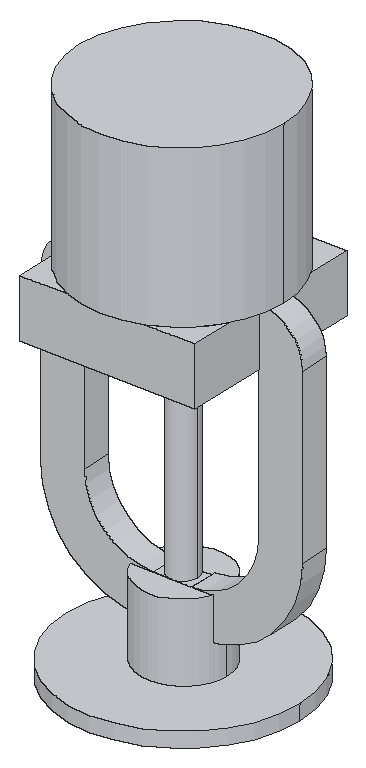
Revit family
Parameters (values of type "RASCO F156-300 PENDENT")
  Temperature Rating = 155 °F
  Response = (empty or 0)
  RASCO SIN # = "RA2514"
  RASCO Part # = "F56P1B3"
  Pressure Rating = "300 PSI"
  Pressure Class = 1
  Orifice Size = 1/2"
  Orifice = (empty or 0)
  Model = "F156-300"
  Manufacturer = "RASCO"
  K-Factor = 5.6
  Description = "Bronze Finish"
  Coverage = (empty or 0)
Reference planes (in)
  plane 1 "Center (Front/Back)": y = 0
  plane 2: z = 0
  plane 3 "Center (Left/Right)": x = 0
Dimensions and locks (in)
  aligned and locked: plane 2 to level
Nested families (in)
  nested 1: "F56P1B3" at (-0.0113, 0, 2.4375) x (-1, 0, 0) z (0, 0, -1), type "RASCO F156-300 PENDENT"
Connectors (in)
  piping at (-0.0113, 0, 2.4375)
    settings: on nested 1, index 1, connector radius 55/128", flow factor 0, pipe flow 0 GPM, pressure drop 0.00 psi, fitting loss kfactor 0, connector angle 0.00°, fixture units 0, flow configuration 0, flow direction 0, fitting loss method 0, system type 7, connector reference index -1, connector utility 0, adjustable connector no, is connector primary yes, fitting loss table "", connector description ""
Definition of nested family "F56P1B3"
  Parameters (values of type "RASCO F156-300 PENDENT")
    Type Comments = ""
    Temperature Rating = 0 °F
    Response = (empty or 0)
    Pressure Rating = "0"
    Pressure Class = (empty or 0)
    Orifice Size = 0"
    Orifice = (empty or 0)
    Model = ""
    Manufacturer = ""
    K-Factor = 0
    Description = ""
    Coverage = (empty or 0)
    Assembly Code = ""
  Reference planes (in)
    plane 1 "Center (Front/Back)": y = 0
    plane 2: z = 0
    plane 3 "ref.2": z = 0.6875
    plane 4 "ref.3": z = 0.9375
    plane 5: x = -0.38065
    plane 6: x = 0.36935
    plane 7 "ref. side 1": y = 0.06402
    plane 8 "ref. side 2": y = -0.06098
    plane 9 "ref.4": z = 1.875
    plane 10 "ref.5": z = 2.3125
    plane 11 "ref.6": z = 2.4375
  Forms (in)
    Extrusion 1, solid
      sketch origin (0, 0, 0) x (1, 0, 0) y (0, 1, 0)
        loop
          circle (0, 0) r 0.4379
      from 0 to 0.6875
    Extrusion 2, solid
      sketch origin (-0.12185, 0.05177, 0.6875) x (1, 0, 0) y (0, 1, 0)
        loop
          line (-0.2588, 0.356) -> (-0.2588, -0.4565) -> (0.4912, -0.4565) -> (0.4912, 0.356) -> (-0.2588, 0.356)
      from 0 to 0.25
    Extrusion 3, solid
      sketch origin (0, 0, 0) x (1, 0, 0) y (0, 0, 1)
        loop
          line (-0.38065, 0.68754) -> (-0.38065, 1.58397)
          arc (-0.38065, 1.58397) -> (-0.29541, 1.78976) -> (-0.08962, 1.875) r 0.29103
          line (-0.08962, 1.875) -> (0.07524, 1.875)
          arc (0.07524, 1.875) -> (0.28321, 1.78886) -> (0.36935, 1.58089) r 0.29411
          line (0.36935, 1.58089) -> (0.36935, 0.68751)
          arc (0.36935, 0.68751) -> (0.50207, 0.74393) -> (0.55685, 0.87734) r 0.18984
          line (0.55685, 0.87734) -> (0.55685, 1.61676)
          arc (0.55685, 1.61676) -> (0.42629, 1.93194) -> (0.11111, 2.0625) r 0.44574
          line (0.11111, 2.0625) -> (-0.12259, 2.0625)
          arc (-0.12259, 2.0625) -> (-0.43765, 1.932) -> (-0.56815, 1.61694) r 0.44556
          line (-0.56815, 1.61694) -> (-0.56815, 0.87876)
          arc (-0.56815, 0.87876) -> (-0.51345, 0.74486) -> (-0.38065, 0.68754) r 0.19126
      from -0.06402 to 0.06098
    Extrusion 4, solid
      sketch origin (0, 0, 0.9375) x (-1, 0, 0) y (0, -1, 0)
        loop
          circle (0.00574, -0.00152) r 0.0625
      from 0 to 0.9375
    Extrusion 5, solid
      sketch origin (0, 0, 1.875) x (-1, 0, 0) y (0, -1, 0)
        loop
          circle (0.00574, -0.00152) r 0.1875
      from 0 to 0.4375
    Extrusion 6, solid
      sketch origin (0, 0, 2.3125) x (0, -1, 0) y (1, 0, 0)
        loop
          circle (-0.00152, -0.00574) r 0.5
      from -0.10531 to -0.03987
  Cuts and joins
    joined: Extrusion 1, Extrusion 2, Extrusion 4
  Lines and regions (in)
    model lines
      curve 1: line (-0.00574, 0.06402, 1.875) -> (-0.00574, -0.06098, 1.875)
